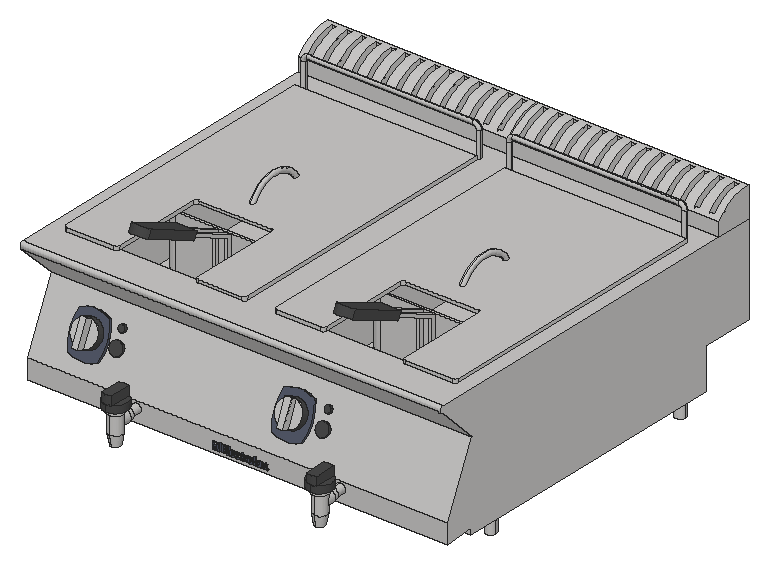
Revit family "QF_ELECTROLUXPROFESSIONAL_371067_E7FRGH2B00", category Specialty Equipment, Revit 2018
Family settings
  Round Connector Dimension = Use Diameter
  Part Type = Normal
  Work Plane-Based = No
  Always vertical = Yes
  Cut with Voids When Loaded = No
  Shared = No
  Room Calculation Point = No
Parameters
  Width = 800.00 mm  # constant formula
  Weight in Pounds = 132  # constant formula
  Watts = 0 W
  URL Cutsheet = "www.electrolux.com/foodservice"
  URL = "www.electrolux.com/foodservice"
  Type Mark [instance] = ""
  Status [instance] = ""
  Specification by User [instance] = ""
  Specification by Manufacturer = ""
  Show Logo [instance] = yes
  Show Clearance [instance] = yes
  Serial Number = ""
  Seismic Rating = ""
  SMACNA No = ""
  Revision Code [instance] = ""
  Omniclass Number and Title = ""
  NAFEM Spec ID Number = ""
  Model = "371067"
  Mechanical Remarks [instance] = ""
  Mechanical Connection Type [instance] = ""
  Masterspec = ""
  Manufacturer = "ELECTROLUX"
  Item Number [instance] = ""
  Installed By [instance] = ""
  Identify Quantity as Lot [instance] = yes
  Height = 333.00 mm  # constant formula
  HP = "0 HP"
  Gas Size = 12.70 mm  # 1/2"
  Gas RI Height [instance] = 0.00 mm
  Gas KW [instance] = 14  # constant formula
  Gas Input [instance] = 13987.1 VA  # 47726.0 Btu/h
  Gas Connection Height = 0.00 mm
  Furnished By [instance] = ""
  Foodservice Equipment Identifier [instance] = yes
  Direct Waste Size = 0"
  Description = "700XP Two 7 Lt. Wells Gas Fryer Top - LPG/Natural Gas"
  Depth = 730.00 mm  # constant formula
  CSI MasterFormat = ""
  CSI Master Format = ""
  Base Height [instance] = 25.40 mm  # constant formula
Reference planes
  plane 1 "BACK": y = 0
  plane 2: z = 0
  plane 3 "LEFT": x = 0
  plane 4 "RIGHT": x = 800
  plane 5 "FRONT": y = -730
  plane 6 "TOP": z = 333
  plane 7 "Center Y": x = 400
  plane 8 "Center X": y = -365
  plane 9 "BASE": z = 25.4
  plane 10 "TOP A": z = 274.638
  plane 11: y = -597.884
  plane 12: y = -147.637
  plane 13: z = 366.713
Forms (mm)
  Extrusion 1, solid, material "QF_Finishes_Stainless Steel"
    sketch origin (0, 0, 0) x (0, 1, 0) y (0, 0, 1)
      loop
        line (0, 274.638) -> (-725.027, 274.638)
        arc (-725.027, 274.638) -> (-730.893, 270.718) -> (-729.517, 263.797) r 6.35
        line (-729.517, 263.797) -> (-657.416, 191.447) -> (-713.522, 70.59) -> (-713.522, 32.49) -> (-660.4, 38.1) -> (-660.4, 25.4) -> (-101.6, 25.4) -> (-101.6, 103.188) -> (0, 103.188) -> (0, 274.638)
    from 0 to 800
  Extrusion 2, solid, material "QF_Finishes_Stainless Steel"
    sketch origin (0, 0, 0) x (0, 1, 0) y (0, 0, 1)
      loop
        line (0, 274.638) -> (0, 333)
        arc (0, 333) -> (-38.795, 324.72) -> (-69.85, 300.038) r 86.758
        line (-69.85, 300.038) -> (-69.85, 274.638) -> (0, 274.638)
    from 0 to 800
  Extrusion 3, void
    sketch origin (0, 0, 274.638) x (-1, 0, 0) y (0, -1, 0)
      loop
        line (-33.338, 147.762) -> (-33.338, 655.762) -> (-373.012, 655.762) -> (-373.012, 147.762) -> (-33.338, 147.762)
      loop
        line (-766.662, 655.762) -> (-766.662, 147.762) -> (-426.987, 147.762) -> (-426.987, 655.762) -> (-766.662, 655.762)
    from 0 to -152.4
  Extrusion 4, void
    sketch origin (0, 0, 274.638) x (-1, 0, 0) y (0, -1, 0)
      loop
        line (-13.453, 6.761) -> (-13.453, 63.911) -> (-22.749, 63.911) -> (-22.749, 6.761) -> (-13.453, 6.761)
    from 25.4 to 63.5
  Extrusion 5, solid, material "QF_Finishes_Stainless Steel"
    sketch origin (0, 0, 0) x (1, 0, 0) y (0, 1, 0)
      loop
        circle (11.112, -147.638) r 9.525
      loop
        circle (11.112, -597.884) r 9.525
      loop
        circle (788.887, -147.638) r 9.525
      loop
        circle (788.887, -597.884) r 9.525
    from 0 to 25.4
  Extrusion 6, solid, material "QF_Finishes_Navy Blue"
    sketch origin (-109.537, -713.522, 70.59) x (0, 0.421077, 0.907025) y (-1, 0, 0)
      loop
        arc (101.077, -565.788) -> (66.2, -558.771) -> (31.333, -565.832) r 89.894
        arc (31.333, -565.832) -> (24.638, -594.363) -> (31.333, -622.893) r 64.14
        arc (31.333, -622.893) -> (66.2, -629.955) -> (101.077, -622.938) r 89.894
        arc (101.077, -622.938) -> (107.792, -594.363) -> (101.077, -565.788) r 64.16
      loop
        arc (101.077, -177.065) -> (66.2, -170.048) -> (31.333, -177.11) r 89.894
        arc (31.333, -177.11) -> (24.638, -205.64) -> (31.333, -234.171) r 64.14
        arc (31.333, -234.171) -> (66.2, -241.236) -> (101.077, -234.215) r 89.853
        arc (101.077, -234.215) -> (107.792, -205.64) -> (101.077, -177.065) r 64.16
    from 0 to 3.175
  Extrusion 7, solid, material "QF_Finishes_Stainless Steel"
    sketch origin (-109.537, -716.402, 71.927) x (0, 0.421077, 0.907025) y (-1, 0, 0)
      loop
        circle (68.826, -594.351) r 25.4
      loop
        circle (68.826, -205.413) r 25.4
    from 0 to 12.7
  Extrusion 8, solid, material "QF_Finishes_Stainless Steel"
    sketch origin (-109.537, -727.921, 77.275) x (0, 0.421077, 0.907025) y (-1, 0, 0)
      loop
        arc (93.558, -600.137) -> (94.226, -594.351) -> (93.558, -588.564) r 25.4
        line (93.558, -588.564) -> (44.094, -588.564)
        arc (44.094, -588.564) -> (43.426, -594.351) -> (44.094, -600.137) r 25.4
        line (44.094, -600.137) -> (93.558, -600.137)
      loop
        arc (93.558, -211.199) -> (94.226, -205.413) -> (93.558, -199.627) r 25.4
        line (93.558, -199.627) -> (44.094, -199.627)
        arc (44.094, -199.627) -> (43.426, -205.413) -> (44.094, -211.199) r 25.4
        line (44.094, -211.199) -> (93.558, -211.199)
    from 0 to 12.7
  Extrusion 9, solid, material "QF_Finishes_Black"
    sketch origin (11.113, -713.522, 70.59) x (0, 0.421077, 0.907025) y (-1, 0, 0)
      loop
        circle (93.566, -530.485) r 6.35
      loop
        circle (93.566, -138.473) r 6.35
    from 0 to 3.175
  Extrusion 10, solid, material "QF_Finishes_Black"
    sketch origin (11.113, -708.843, 80.67) x (0, 0.421077, 0.907025) y (-1, 0, 0)
      loop
        circle (50.809, -530.485) r 12.7
      loop
        circle (50.809, -138.473) r 12.7
    from 0 to 3.175
  Revolve 11, solid, material "QF_Finishes_Stainless Steel"
    sketch origin (206.375, 0, 0) x (0, 1, 0) y (0, 0, 1)
      loop
        line (-762.926, 17.277) -> (-753.917, 17.277) -> (-750.301, 37.788) -> (-750.301, 74.129) -> (-747.023, 74.129) -> (-747.023, 82.008) -> (-740.673, 82.008) -> (-740.673, 94.708) -> (-762.926, 94.708) -> (-762.926, 17.277)
      axis (-762.926, 17.277) -> (-762.926, 94.708)
    angle from 0 to 360
  Revolve 12, solid, material "QF_Finishes_Stainless Steel"
    sketch origin (206.375, 0, 0) x (0, 1, 0) y (0, 0, 1)
      loop
        line (-713.522, 57.15) -> (-764.322, 57.15) -> (-764.322, 44.847) -> (-742.357, 44.847) -> (-742.357, 46.549) -> (-733.364, 46.549) -> (-733.364, 48.596) -> (-713.522, 48.596) -> (-713.522, 57.15)
      axis (-764.322, 57.15) -> (-713.522, 57.15)
    angle from 0 to 360
  Revolve 13, solid, material "QF_Finishes_Stainless Steel"
    sketch origin (595.312, 0, 0) x (0, 1, 0) y (0, 0, 1)
      loop
        line (-762.926, 17.277) -> (-753.917, 17.277) -> (-750.301, 37.788) -> (-750.301, 74.129) -> (-747.023, 74.129) -> (-747.023, 82.008) -> (-740.673, 82.008) -> (-740.673, 94.708) -> (-762.926, 94.708) -> (-762.926, 17.277)
      axis (-762.926, 17.277) -> (-762.926, 94.708)
    angle from 0 to 360
  Revolve 14, solid, material "QF_Finishes_Stainless Steel"
    sketch origin (595.312, 0, 0) x (0, 1, 0) y (0, 0, 1)
      loop
        line (-713.522, 57.15) -> (-764.322, 57.15) -> (-764.322, 44.847) -> (-742.357, 44.847) -> (-742.357, 46.549) -> (-733.364, 46.549) -> (-733.364, 48.596) -> (-713.522, 48.596) -> (-713.522, 57.15)
      axis (-764.322, 57.15) -> (-713.522, 57.15)
    angle from 0 to 360
  Extrusion 15, solid, material "QF_Finishes_Black"
    sketch origin (206.375, -762.926, 94.708) x (0, 1, 0) y (-1, 0, 0)
      loop
        line (20.063, 9.626) -> (-20.063, 9.626)
        arc (-20.063, 9.626) -> (-22.253, 0) -> (-20.063, -9.626) r 22.253
        line (-20.063, -9.626) -> (20.063, -9.626)
        arc (20.063, -9.626) -> (22.253, 0) -> (20.063, 9.626) r 22.253
      loop
        line (20.063, -379.312) -> (-20.063, -379.312)
        arc (-20.063, -379.312) -> (-22.253, -388.937) -> (-20.063, -398.563) r 22.253
        line (-20.063, -398.563) -> (20.063, -398.563)
        arc (20.063, -398.563) -> (22.253, -388.937) -> (20.063, -379.312) r 22.253
    from 0 to 16.412
  Extrusion 16, solid, material "QF_Finishes_Stainless Steel"
    sketch origin (0, -101.6, 103.188) x (0, 0, -1) y (-1, 0, 0)
      loop
        circle (43.882, -736.5) r 6.35
    from 0 to 12.7
  Extrusion 17, solid, material "QF_Finishes_Clearance", visible <- "Show Clearance", detail levels coarse
    sketch origin (0, 0, 0) x (1, 0, 0) y (0, 1, 0)
      loop
        line (0, -731.377) -> (0, 0) -> (800, 0) -> (800, -731.377) -> (950.019, -731.377) -> (950.019, 150.019) -> (-150.019, 150.019) -> (-150.019, -731.377) -> (0, -731.377)
    from 0 to 333
  Extrusion 18, solid, material "QF_Finishes_Stainless Steel"
    sketch origin (0, 0, 274.638) x (-1, 0, 0) y (0, -1, 0)
      loop
        arc (-26.988, 655.762) -> (-28.847, 660.252) -> (-33.338, 662.112) r 6.35
        line (-33.338, 662.112) -> (-122.238, 662.112)
        arc (-122.238, 662.112) -> (-126.728, 660.252) -> (-128.588, 655.762) r 6.35
        line (-128.588, 655.762) -> (-128.588, 481.012)
        arc (-128.588, 481.012) -> (-130.447, 476.521) -> (-134.938, 474.662) r 6.35
        line (-134.938, 474.662) -> (-271.412, 474.662)
        arc (-271.412, 474.662) -> (-275.903, 476.521) -> (-277.762, 481.012) r 6.35
        line (-277.762, 481.012) -> (-277.762, 655.762)
        arc (-277.762, 655.762) -> (-279.622, 660.252) -> (-284.112, 662.112) r 6.35
        line (-284.112, 662.112) -> (-366.662, 662.112)
        arc (-366.662, 662.112) -> (-371.153, 660.252) -> (-373.012, 655.762) r 6.35
        line (-373.012, 655.762) -> (-373.012, 112.837) -> (-26.988, 112.837) -> (-26.988, 655.762)
      loop
        line (-773.012, 655.762) -> (-773.012, 112.837) -> (-426.987, 112.837) -> (-426.987, 655.762)
        arc (-426.987, 655.762) -> (-428.847, 660.252) -> (-433.337, 662.112) r 6.35
        line (-433.337, 662.112) -> (-515.887, 662.112)
        arc (-515.887, 662.112) -> (-520.378, 660.252) -> (-522.237, 655.762) r 6.35
        line (-522.237, 655.762) -> (-522.237, 481.012)
        arc (-522.237, 481.012) -> (-524.097, 476.521) -> (-528.587, 474.662) r 6.35
        line (-528.587, 474.662) -> (-665.062, 474.662)
        arc (-665.062, 474.662) -> (-669.553, 476.521) -> (-671.412, 481.012) r 6.35
        line (-671.412, 481.012) -> (-671.412, 655.762)
        arc (-671.412, 655.762) -> (-673.272, 660.252) -> (-677.762, 662.112) r 6.35
        line (-677.762, 662.112) -> (-766.662, 662.112)
        arc (-766.662, 662.112) -> (-771.153, 660.252) -> (-773.012, 655.762) r 6.35
    from 0 to 6.35
  Sweep 19, solid, material "QF_Finishes_Stainless Steel"
    path origin (0, 36.513, 0) x (1, 0, 0) y (0, 0, 1)
      loop
        line (39.688, 274.638) -> (39.688, 323.475)
        arc (39.688, 323.475) -> (41.547, 327.965) -> (46.038, 329.825) r 6.35
        line (46.038, 329.825) -> (362.669, 329.825)
        arc (362.669, 329.825) -> (367.16, 327.965) -> (369.019, 323.475) r 6.35
        line (369.019, 323.475) -> (369.019, 274.637)
    profile origin (39.688, 36.513, 299.056) x (-1, 0, 0) y (0, -1, 0)
      loop
        circle (2.09, 140.754) r 3.827
  Extrusion 20, solid, material "QF_Finishes_Black"
    sketch origin (271.462, -708.83, 366.66) x (0, 0.906308, -0.422618) y (-1, 0, 0)
      loop
        line (10.103, 47.37) -> (128.716, 47.37) -> (128.716, 84.605) -> (10.103, 84.605)
        arc (10.103, 84.605) -> (-0.124, 65.987) -> (10.103, 47.37) r 22.059
    from -15.884 to 0
  Extrusion 21, solid, material "QF_Finishes_Stainless Steel"
    sketch origin (271.463, 41.275, 0) x (0, 1, 0) y (0, 0, 1)
      loop
        line (-547.91, 165.638) -> (-547.91, 267.115) -> (-635.463, 307.942) -> (-638.147, 302.187) -> (-554.26, 263.07) -> (-554.26, 165.638) -> (-547.91, 165.638)
    from -80.476 to -74.619
  Extrusion 22, solid, material "QF_Finishes_Stainless Steel"
    sketch origin (139.588, 41.275, 0) x (0, 1, 0) y (0, 0, -1)
      loop
        line (-554.26, -263.07) -> (-638.147, -302.187) -> (-635.463, -307.942) -> (-547.91, -267.115) -> (-547.91, -165.638) -> (-554.26, -165.638) -> (-554.26, -263.07)
    from -80.476 to -74.619
  Sweep 23, solid, material "QF_Finishes_Stainless Steel"
    path origin (200.025, -0.124, 0) x (0, 1, 0) y (0, 0, 1)
      loop
        arc (-323.261, 274.638) -> (-377.7, 308.416) -> (-432.139, 274.638) r 60.757
    profile origin (200.025, -377.824, 308.416) x (0, 0, -1) y (1, 0, 0)
      loop
        circle (0, 0) r 4.353
  Sweep 24, solid, material "QF_Finishes_Stainless Steel"
    path origin (600.075, -0.124, 0) x (0, 1, 0) y (0, 0, -1)
      loop
        arc (-323.261, -274.638) -> (-377.7, -308.416) -> (-432.139, -274.638) r 60.757
    profile origin (600.075, -377.824, 308.416) x (0, 0, 1) y (-1, 0, 0)
      loop
        circle (0, 0) r 4.353
  Extrusion 25, solid, material "QF_Finishes_Black"
    sketch origin (528.637, -708.83, 366.66) x (0, 0.906308, -0.422618) y (-1, 0, 0)
      loop
        arc (10.103, -47.27) -> (-0.124, -65.887) -> (10.103, -84.505) r 22.059
        line (10.103, -84.505) -> (128.716, -84.505) -> (128.716, -47.27) -> (10.103, -47.27)
    from -15.884 to 0
  Extrusion 26, solid, material "QF_Finishes_Mesh"
    sketch origin (0, 0, 274.638) x (-1, 0, 0) y (0, -1, 0)
      loop
        arc (-116.625, 189.135) -> (-98.665, 196.575) -> (-91.225, 214.535) r 25.4
        line (-91.225, 214.535) -> (-91.225, 481.11)
        arc (-91.225, 481.11) -> (-98.665, 499.071) -> (-116.625, 506.51) r 25.4
        line (-116.625, 506.51) -> (-294.375, 506.51)
        arc (-294.375, 506.51) -> (-312.336, 499.071) -> (-319.775, 481.11) r 25.4
        line (-319.775, 481.11) -> (-319.775, 214.535)
        arc (-319.775, 214.535) -> (-312.336, 196.575) -> (-294.375, 189.135) r 25.4
        line (-294.375, 189.135) -> (-116.625, 189.135)
      loop
        arc (-116.625, 192.31) -> (-100.91, 198.82) -> (-94.4, 214.535) r 22.225
        line (-94.4, 214.535) -> (-94.4, 481.11)
        arc (-94.4, 481.11) -> (-100.91, 496.826) -> (-116.625, 503.335) r 22.225
        line (-116.625, 503.335) -> (-294.375, 503.335)
        arc (-294.375, 503.335) -> (-310.091, 496.826) -> (-316.6, 481.11) r 22.225
        line (-316.6, 481.11) -> (-316.6, 214.535)
        arc (-316.6, 214.535) -> (-310.091, 198.82) -> (-294.375, 192.31) r 22.225
        line (-294.375, 192.31) -> (-116.625, 192.31)
      loop
        line (-683.375, 189.135) -> (-505.625, 189.135)
        arc (-505.625, 189.135) -> (-487.664, 196.575) -> (-480.225, 214.535) r 25.4
        line (-480.225, 214.535) -> (-480.225, 481.11)
        arc (-480.225, 481.11) -> (-487.664, 499.071) -> (-505.625, 506.51) r 25.4
        line (-505.625, 506.51) -> (-683.375, 506.51)
        arc (-683.375, 506.51) -> (-701.335, 499.071) -> (-708.775, 481.11) r 25.4
        line (-708.775, 481.11) -> (-708.775, 214.535)
        arc (-708.775, 214.535) -> (-701.335, 196.575) -> (-683.375, 189.135) r 25.4
      loop
        line (-683.375, 192.31) -> (-505.625, 192.31)
        arc (-505.625, 192.31) -> (-489.909, 198.82) -> (-483.4, 214.535) r 22.225
        line (-483.4, 214.535) -> (-483.4, 481.11)
        arc (-483.4, 481.11) -> (-489.909, 496.826) -> (-505.625, 503.335) r 22.225
        line (-505.625, 503.335) -> (-683.375, 503.335)
        arc (-683.375, 503.335) -> (-699.09, 496.826) -> (-705.6, 481.11) r 22.225
        line (-705.6, 481.11) -> (-705.6, 214.535)
        arc (-705.6, 214.535) -> (-699.09, 198.82) -> (-683.375, 192.31) r 22.225
    from -109 to -5.315
  Extrusion 27, solid, material "QF_Finishes_Stainless Steel"
    sketch origin (528.637, 41.275, 0) x (0, 1, 0) y (0, 0, -1)
      loop
        line (-547.91, -165.638) -> (-554.26, -165.638) -> (-554.26, -263.07) -> (-638.147, -302.187) -> (-635.463, -307.942) -> (-547.91, -267.115) -> (-547.91, -165.638)
    from -80.476 to -74.619
  Extrusion 28, solid, material "QF_Finishes_Stainless Steel"
    sketch origin (660.512, 41.275, 0) x (0, 1, 0) y (0, 0, 1)
      loop
        line (-554.26, 263.07) -> (-554.26, 165.638) -> (-547.91, 165.638) -> (-547.91, 267.115) -> (-635.463, 307.942) -> (-638.147, 302.187) -> (-554.26, 263.07)
    from -80.476 to -74.619
  Sweep 29, solid, material "QF_Finishes_Stainless Steel"
    path origin (800.1, 36.513, 0) x (-1, 0, 0) y (0, 0, -1)
      loop
        line (39.788, -274.638) -> (39.788, -323.475)
        arc (39.788, -323.475) -> (41.647, -327.965) -> (46.138, -329.825) r 6.35
        line (46.138, -329.825) -> (362.769, -329.825)
        arc (362.769, -329.825) -> (367.26, -327.965) -> (369.119, -323.475) r 6.35
        line (369.119, -323.475) -> (369.119, -274.637)
    profile origin (760.312, 36.513, 299.056) x (-1, 0, 0) y (0, -1, 0)
      loop
        circle (-2.09, 140.754) r 3.827
  Extrusion 30, void
    sketch origin (361.95, 0, 274.638) x (-1, 0, 0) y (0, -1, 0)
      loop
        line (-13.403, 6.761) -> (-13.403, 63.911) -> (-22.699, 63.911) -> (-22.699, 6.761) -> (-13.403, 6.761)
    from 25.4 to 63.5
  Extrusion 31, void
    sketch origin (27.842, 0, 274.638) x (-1, 0, 0) y (0, -1, 0)
      loop
        line (-13.453, 6.761) -> (-13.453, 63.911) -> (-22.749, 63.911) -> (-22.749, 6.761) -> (-13.453, 6.761)
    from 25.4 to 63.5
  Extrusion 32, void
    sketch origin (55.685, 0, 274.638) x (-1, 0, 0) y (0, -1, 0)
      loop
        line (-13.453, 6.761) -> (-13.453, 63.911) -> (-22.749, 63.911) -> (-22.749, 6.761) -> (-13.453, 6.761)
    from 25.4 to 63.5
  Extrusion 33, void
    sketch origin (83.527, 0, 274.638) x (-1, 0, 0) y (0, -1, 0)
      loop
        line (-13.453, 6.761) -> (-13.453, 63.911) -> (-22.749, 63.911) -> (-22.749, 6.761) -> (-13.453, 6.761)
    from 25.4 to 63.5
  Extrusion 34, void
    sketch origin (111.369, 0, 274.638) x (-1, 0, 0) y (0, -1, 0)
      loop
        line (-13.453, 6.761) -> (-13.453, 63.911) -> (-22.749, 63.911) -> (-22.749, 6.761) -> (-13.453, 6.761)
    from 25.4 to 63.5
  Extrusion 35, void
    sketch origin (139.212, 0, 274.638) x (-1, 0, 0) y (0, -1, 0)
      loop
        line (-13.453, 6.761) -> (-13.453, 63.911) -> (-22.749, 63.911) -> (-22.749, 6.761) -> (-13.453, 6.761)
    from 25.4 to 63.5
  Extrusion 36, void
    sketch origin (167.054, 0, 274.638) x (-1, 0, 0) y (0, -1, 0)
      loop
        line (-13.453, 6.761) -> (-13.453, 63.911) -> (-22.749, 63.911) -> (-22.749, 6.761) -> (-13.453, 6.761)
    from 25.4 to 63.5
  Extrusion 37, void
    sketch origin (194.896, 0, 274.638) x (-1, 0, 0) y (0, -1, 0)
      loop
        line (-13.403, 6.761) -> (-13.403, 63.911) -> (-22.699, 63.911) -> (-22.699, 6.761) -> (-13.403, 6.761)
    from 25.4 to 63.5
  Extrusion 38, void
    sketch origin (222.738, 0, 274.638) x (-1, 0, 0) y (0, -1, 0)
      loop
        line (-13.403, 6.761) -> (-13.403, 63.911) -> (-22.699, 63.911) -> (-22.699, 6.761) -> (-13.403, 6.761)
    from 25.4 to 63.5
  Extrusion 39, void
    sketch origin (250.581, 0, 274.638) x (-1, 0, 0) y (0, -1, 0)
      loop
        line (-13.403, 6.761) -> (-13.403, 63.911) -> (-22.699, 63.911) -> (-22.699, 6.761) -> (-13.403, 6.761)
    from 25.4 to 63.5
  Extrusion 40, void
    sketch origin (278.423, 0, 274.638) x (-1, 0, 0) y (0, -1, 0)
      loop
        line (-13.403, 6.761) -> (-13.403, 63.911) -> (-22.699, 63.911) -> (-22.699, 6.761) -> (-13.403, 6.761)
    from 25.4 to 63.5
  Extrusion 41, void
    sketch origin (306.265, 0, 274.638) x (-1, 0, 0) y (0, -1, 0)
      loop
        line (-13.403, 6.761) -> (-13.403, 63.911) -> (-22.699, 63.911) -> (-22.699, 6.761) -> (-13.403, 6.761)
    from 25.4 to 63.5
  Extrusion 42, void
    sketch origin (334.108, 0, 274.638) x (-1, 0, 0) y (0, -1, 0)
      loop
        line (-13.403, 6.761) -> (-13.403, 63.911) -> (-22.699, 63.911) -> (-22.699, 6.761) -> (-13.403, 6.761)
    from 25.4 to 63.5
  Extrusion 43, void
    sketch origin (800.1, 0, 274.638) x (1, 0, 0) y (0, 1, 0)
      loop
        line (-13.553, -6.761) -> (-22.849, -6.761) -> (-22.849, -63.911) -> (-13.553, -63.911) -> (-13.553, -6.761)
    from 25.4 to 63.5
  Extrusion 44, void
    sketch origin (438.15, 0, 274.638) x (1, 0, 0) y (0, 1, 0)
      loop
        line (-13.503, -6.761) -> (-22.799, -6.761) -> (-22.799, -63.911) -> (-13.503, -63.911) -> (-13.503, -6.761)
    from 25.4 to 63.5
  Extrusion 45, void
    sketch origin (772.258, 0, 274.638) x (1, 0, 0) y (0, 1, 0)
      loop
        line (-13.553, -6.761) -> (-22.849, -6.761) -> (-22.849, -63.911) -> (-13.553, -63.911) -> (-13.553, -6.761)
    from 25.4 to 63.5
  Extrusion 46, void
    sketch origin (744.415, 0, 274.638) x (1, 0, 0) y (0, 1, 0)
      loop
        line (-13.553, -6.761) -> (-22.849, -6.761) -> (-22.849, -63.911) -> (-13.553, -63.911) -> (-13.553, -6.761)
    from 25.4 to 63.5
  Extrusion 47, void
    sketch origin (716.573, 0, 274.638) x (1, 0, 0) y (0, 1, 0)
      loop
        line (-13.553, -6.761) -> (-22.849, -6.761) -> (-22.849, -63.911) -> (-13.553, -63.911) -> (-13.553, -6.761)
    from 25.4 to 63.5
  Extrusion 48, void
    sketch origin (688.731, 0, 274.638) x (1, 0, 0) y (0, 1, 0)
      loop
        line (-13.553, -6.761) -> (-22.849, -6.761) -> (-22.849, -63.911) -> (-13.553, -63.911) -> (-13.553, -6.761)
    from 25.4 to 63.5
  Extrusion 49, void
    sketch origin (660.888, 0, 274.638) x (1, 0, 0) y (0, 1, 0)
      loop
        line (-13.553, -6.761) -> (-22.849, -6.761) -> (-22.849, -63.911) -> (-13.553, -63.911) -> (-13.553, -6.761)
    from 25.4 to 63.5
  Extrusion 50, void
    sketch origin (633.046, 0, 274.638) x (1, 0, 0) y (0, 1, 0)
      loop
        line (-13.553, -6.761) -> (-22.849, -6.761) -> (-22.849, -63.911) -> (-13.553, -63.911) -> (-13.553, -6.761)
    from 25.4 to 63.5
  Extrusion 51, void
    sketch origin (605.204, 0, 274.638) x (1, 0, 0) y (0, 1, 0)
      loop
        line (-13.503, -6.761) -> (-22.799, -6.761) -> (-22.799, -63.911) -> (-13.503, -63.911) -> (-13.503, -6.761)
    from 25.4 to 63.5
  Extrusion 52, void
    sketch origin (577.362, 0, 274.638) x (1, 0, 0) y (0, 1, 0)
      loop
        line (-13.503, -6.761) -> (-22.799, -6.761) -> (-22.799, -63.911) -> (-13.503, -63.911) -> (-13.503, -6.761)
    from 25.4 to 63.5
  Extrusion 53, void
    sketch origin (549.519, 0, 274.638) x (1, 0, 0) y (0, 1, 0)
      loop
        line (-13.503, -6.761) -> (-22.799, -6.761) -> (-22.799, -63.911) -> (-13.503, -63.911) -> (-13.503, -6.761)
    from 25.4 to 63.5
  Extrusion 54, void
    sketch origin (521.677, 0, 274.638) x (1, 0, 0) y (0, 1, 0)
      loop
        line (-13.503, -6.761) -> (-22.799, -6.761) -> (-22.799, -63.911) -> (-13.503, -63.911) -> (-13.503, -6.761)
    from 25.4 to 63.5
  Extrusion 55, void
    sketch origin (493.835, 0, 274.638) x (1, 0, 0) y (0, 1, 0)
      loop
        line (-13.503, -6.761) -> (-22.799, -6.761) -> (-22.799, -63.911) -> (-13.503, -63.911) -> (-13.503, -6.761)
    from 25.4 to 63.5
  Extrusion 56, void
    sketch origin (465.992, 0, 274.638) x (1, 0, 0) y (0, 1, 0)
      loop
        line (-13.503, -6.761) -> (-22.799, -6.761) -> (-22.799, -63.911) -> (-13.503, -63.911) -> (-13.503, -6.761)
    from 25.4 to 63.5
  Extrusion 57, void
    sketch origin (418.151, 0, 274.638) x (1, 0, 0) y (0, 1, 0)
      loop
        line (-16.563, 0) -> (-19.738, 0) -> (-19.738, -69.85) -> (-16.563, -69.85) -> (-16.563, 0)
    from 25.4 to 63.5
  Extrusion 58, solid, material "QF_Finishes_Navy Blue", visible <- "Show Logo"
    sketch origin (0, -713.522, 32.49) x (0, 0, 1) y (-1, 0, 0)
      loop
        line (20.674, -361.834) -> (8.307, -361.834)
        arc (8.307, -361.834) -> (14.491, -366.405) -> (20.674, -361.834) r 6.467
      loop
        arc (20.674, -361.205) -> (19.505, -356.062) -> (14.849, -353.584) r 6.338
        line (14.849, -353.584) -> (14.849, -355.63)
        arc (14.849, -355.63) -> (16.333, -359.285) -> (19.778, -361.205) r 5.941
        line (19.778, -361.205) -> (20.674, -361.205)
      loop
        arc (9.203, -361.205) -> (12.648, -359.285) -> (14.132, -355.63) r 5.941
        line (14.132, -355.63) -> (14.132, -353.584)
        arc (14.132, -353.584) -> (9.438, -356.058) -> (8.148, -361.205) r 6.504
        line (8.148, -361.205) -> (9.203, -361.205)
      loop
        line (21.349, -353.115) -> (7.604, -353.115) -> (7.604, -366.878) -> (21.349, -366.878) -> (21.349, -353.115)
      loop
        arc (21.432, -369.845) -> (21.085, -369.488) -> (20.718, -369.826) r 0.358
        arc (20.718, -369.826) -> (20.404, -370.576) -> (19.687, -370.961) r 1.216
        line (19.687, -370.961) -> (9.274, -370.961)
        arc (9.274, -370.961) -> (8.614, -370.683) -> (8.218, -370.087) r 1.238
        arc (8.218, -370.087) -> (7.823, -369.836) -> (7.518, -370.19) r 0.358
        line (7.518, -370.19) -> (7.518, -380.069) -> (10.269, -380.069) -> (10.269, -379.172)
        arc (10.269, -379.172) -> (9.36, -378.592) -> (8.904, -377.614) r 1.928
        line (8.904, -377.614) -> (8.904, -375.115)
        arc (8.904, -375.115) -> (9.18, -374.387) -> (9.868, -374.023) r 1.101
        line (9.868, -374.023) -> (13.955, -374.023) -> (13.955, -377.696)
        arc (13.955, -377.696) -> (13.602, -378.193) -> (13.037, -378.421) r 1.083
        arc (13.037, -378.421) -> (12.773, -378.726) -> (13.065, -379.005) r 0.292
        line (13.065, -379.005) -> (16.028, -379.005)
        arc (16.028, -379.005) -> (16.33, -378.732) -> (16.092, -378.402) r 0.305
        arc (16.092, -378.402) -> (15.601, -378.154) -> (15.296, -377.696) r 1.083
        line (15.296, -377.696) -> (15.296, -374.023) -> (19.973, -374.023) -> (19.973, -377.77)
        arc (19.973, -377.77) -> (19.759, -378.526) -> (19.153, -379.024) r 1.314
        arc (19.153, -379.024) -> (18.934, -379.428) -> (19.288, -379.72) r 0.361
        line (19.288, -379.72) -> (21.432, -379.72) -> (21.432, -369.845)
      loop
        arc (20.715, -380.501) -> (20.335, -381.419) -> (19.416, -381.8) r 1.299
        line (19.416, -381.8) -> (9.837, -381.8)
        arc (9.837, -381.8) -> (8.999, -381.422) -> (8.728, -380.544) r 1.118
        line (8.728, -380.544) -> (7.518, -380.544) -> (7.518, -385.894) -> (8.706, -385.894)
        arc (8.706, -385.894) -> (8.978, -384.977) -> (9.848, -384.58) r 1.153
        line (9.848, -384.58) -> (21.92, -384.58) -> (20.715, -380.501)
      loop
        line (12.483, -388.53) -> (12.483, -394.977) -> (13.282, -394.977)
        arc (13.282, -394.977) -> (15.862, -393.993) -> (17.131, -391.539) r 3.874
        line (17.131, -391.539) -> (17.131, -389.778)
        arc (17.131, -389.778) -> (15.944, -386.914) -> (13.08, -385.727) r 4.051
        line (13.08, -385.727) -> (11.072, -385.727)
        arc (11.072, -385.727) -> (8.253, -387.212) -> (7.202, -390.219) r 4.352
        arc (7.202, -390.219) -> (7.566, -392.683) -> (8.943, -394.757) r 5.713
        line (8.943, -394.757) -> (9.892, -394.757)
        arc (9.892, -394.757) -> (9.16, -393.188) -> (8.943, -391.47) r 5.579
        arc (8.943, -391.47) -> (9.737, -389.507) -> (11.616, -388.53) r 3.057
        line (11.616, -388.53) -> (12.483, -388.53)
      loop
        line (13.742, -388.53) -> (13.742, -392.112)
        arc (13.742, -392.112) -> (15.199, -392.159) -> (16.082, -390.999) r 1.59
        line (16.082, -390.999) -> (16.082, -390.17)
        arc (16.082, -390.17) -> (15.217, -388.914) -> (13.742, -388.53) r 2.184
      loop
        arc (16.533, -404.395) -> (17.022, -402.721) -> (17.179, -400.984) r 9.023
        line (17.179, -400.984) -> (17.179, -399.621)
        arc (17.179, -399.621) -> (16.02, -396.822) -> (13.22, -395.662) r 3.959
        line (13.22, -395.662) -> (10.62, -395.662)
        arc (10.62, -395.662) -> (8.338, -396.955) -> (7.221, -399.328) r 4.331
        line (7.221, -399.328) -> (7.221, -401.463)
        arc (7.221, -401.463) -> (7.729, -403.013) -> (8.651, -404.359) r 5.772
        arc (8.651, -404.359) -> (9.412, -404.409) -> (9.499, -403.651) r 0.553
        arc (9.499, -403.651) -> (9.111, -402.917) -> (8.977, -402.098) r 2.573
        line (8.977, -402.098) -> (8.977, -400.583)
        arc (8.977, -400.583) -> (9.983, -398.941) -> (11.798, -398.299) r 2.884
        line (11.798, -398.299) -> (13.077, -398.299)
        arc (13.077, -398.299) -> (14.898, -398.859) -> (15.824, -400.524) r 2.554
        line (15.824, -400.524) -> (15.824, -401.577)
        arc (15.824, -401.577) -> (15.493, -402.505) -> (14.836, -403.24) r 2.564
        arc (14.836, -403.24) -> (14.614, -403.957) -> (15.223, -404.395) r 0.643
        line (15.223, -404.395) -> (16.533, -404.395)
      loop
        line (15.515, -404.665) -> (15.515, -406.166) -> (9.467, -406.166)
        arc (9.467, -406.166) -> (7.879, -406.824) -> (7.221, -408.412) r 2.246
        line (7.221, -408.412) -> (7.221, -409.995)
        arc (7.221, -409.995) -> (7.535, -410.86) -> (8.035, -411.632) r 4.06
        arc (8.035, -411.632) -> (8.768, -411.765) -> (9.019, -411.064) r 0.576
        arc (9.019, -411.064) -> (8.913, -410.538) -> (8.977, -410.006) r 1.69
        arc (8.977, -410.006) -> (9.519, -409.218) -> (10.425, -408.915) r 1.506
        line (10.425, -408.915) -> (15.563, -408.915) -> (15.563, -411.312) -> (16.119, -411.868) -> (16.941, -411.868) -> (16.941, -409.008) -> (20.172, -409.008) -> (15.515, -404.665)
      loop
        line (7.438, -412.766) -> (7.438, -418.152) -> (8.548, -418.152)
        arc (8.548, -418.152) -> (8.942, -417.201) -> (9.893, -416.808) r 1.345
        line (9.893, -416.808) -> (13.509, -416.808)
        arc (13.509, -416.808) -> (14.274, -417.399) -> (14.564, -418.322) r 1.615
        line (14.564, -418.322) -> (14.564, -419.878) -> (17.119, -420.563) -> (17.119, -419.18) -> (15.177, -416.621) -> (17.057, -416.621) -> (16.773, -413.915)
        arc (16.773, -413.915) -> (16.333, -413.385) -> (15.674, -413.586) r 0.621
        arc (15.674, -413.586) -> (15.274, -413.928) -> (14.78, -414.111) r 1.501
        line (14.78, -414.111) -> (9.893, -414.111)
        arc (9.893, -414.111) -> (8.942, -413.717) -> (8.548, -412.766) r 1.345
        line (8.548, -412.766) -> (7.438, -412.766)
      loop
        line (13.54, -420.1) -> (10.848, -420.1)
        arc (10.848, -420.1) -> (8.403, -421.408) -> (7.269, -423.938) r 4.288
        arc (7.269, -423.938) -> (7.205, -425.318) -> (7.269, -426.699) r 15.022
        arc (7.269, -426.699) -> (8.403, -429.229) -> (10.848, -430.537) r 4.288
        line (10.848, -430.537) -> (13.54, -430.537)
        arc (13.54, -430.537) -> (15.986, -429.229) -> (17.119, -426.699) r 4.288
        arc (17.119, -426.699) -> (17.183, -425.318) -> (17.119, -423.938) r 15.022
        arc (17.119, -423.938) -> (15.986, -421.408) -> (13.54, -420.1) r 4.288
      loop
        line (13.745, -423.214) -> (10.643, -423.214)
        arc (10.643, -423.214) -> (8.486, -425.371) -> (10.643, -427.528) r 2.157
        line (10.643, -427.528) -> (13.745, -427.528)
        arc (13.745, -427.528) -> (15.902, -425.371) -> (13.745, -423.214) r 2.157
      loop
        arc (20.726, -430.395) -> (20.355, -431.289) -> (19.461, -431.66) r 1.264
        line (19.461, -431.66) -> (9.597, -431.66)
        arc (9.597, -431.66) -> (8.727, -431.263) -> (8.455, -430.346) r 1.153
        line (8.455, -430.346) -> (7.518, -430.346) -> (7.518, -435.455) -> (8.446, -435.455)
        arc (8.446, -435.455) -> (8.805, -434.683) -> (9.597, -434.368) r 1.153
        line (9.597, -434.368) -> (21.92, -434.368) -> (20.726, -430.395)
      loop
        arc (15.846, -434.992) -> (15.647, -436.057) -> (14.678, -436.539) r 1.215
        line (14.678, -436.539) -> (9.658, -436.539)
        arc (9.658, -436.539) -> (8.043, -437.186) -> (7.322, -438.769) r 2.338
        line (7.322, -438.769) -> (7.322, -440.283)
        arc (7.322, -440.283) -> (7.497, -441.287) -> (7.999, -442.174) r 2.979
        line (7.999, -442.174) -> (7.518, -443.97) -> (7.518, -445.659) -> (16.943, -445.659) -> (16.649, -441.456) -> (15.863, -441.456)
        arc (15.863, -441.456) -> (15.507, -442.292) -> (14.755, -442.8) r 1.605
        line (14.755, -442.8) -> (9.652, -442.8)
        arc (9.652, -442.8) -> (9.232, -441.864) -> (9.159, -440.84) r 2.94
        arc (9.159, -440.84) -> (9.72, -439.739) -> (10.873, -439.296) r 1.724
        line (10.873, -439.296) -> (17.07, -439.296) -> (15.846, -434.992)
      loop
        line (16.874, -446.512) -> (15.202, -448.559) -> (12.028, -450.865) -> (8.572, -447.753)
        arc (8.572, -447.753) -> (8.335, -447.359) -> (8.357, -446.9) r 0.789
        line (8.357, -446.9) -> (7.518, -446.9) -> (7.518, -450.445) -> (8.344, -450.445)
        arc (8.344, -450.445) -> (8.686, -450.083) -> (9.176, -450.175) r 0.52
        line (9.176, -450.175) -> (10.976, -451.646) -> (8.858, -453.021)
        arc (8.858, -453.021) -> (8.457, -452.711) -> (8.37, -452.212) r 0.7
        line (8.37, -452.212) -> (7.518, -452.212) -> (7.518, -458.139) -> (8.405, -458.139)
        arc (8.405, -458.139) -> (8.472, -457.48) -> (8.866, -456.948) r 1.247
        line (8.866, -456.948) -> (13.066, -453.667) -> (15.513, -455.721) -> (16.874, -457.463) -> (16.874, -453.739) -> (15.389, -454.161) -> (13.868, -452.885) -> (15.568, -451.694) -> (16.874, -452.471) -> (16.874, -446.512)
    from 0 to 1.644
Cuts and joins
  Extrusion 3, Extrusion 4 cuts Extrusion 1
  Extrusion 4, Extrusion 30, Extrusion 31, Extrusion 32, Extrusion 33, Extrusion 34, Extrusion 35, Extrusion 36, Extrusion 37, Extrusion 38, Extrusion 39, Extrusion 40, Extrusion 41, Extrusion 42, Extrusion 43, Extrusion 44, Extrusion 45, Extrusion 46, Extrusion 47, Extrusion 48, Extrusion 49, Extrusion 50, Extrusion 51, Extrusion 52, Extrusion 53, Extrusion 54, Extrusion 55, Extrusion 56, Extrusion 57 cuts Extrusion 2
  joined: Extrusion 7, Extrusion 8
  joined: Extrusion 18, Sweep 23, Sweep 24
  Extrusion 30, Extrusion 31, Extrusion 32, Extrusion 33, Extrusion 34, Extrusion 35, Extrusion 36, Extrusion 37, Extrusion 38, Extrusion 39, Extrusion 40, Extrusion 41, Extrusion 42, Extrusion 43, Extrusion 44, Extrusion 45, Extrusion 46, Extrusion 47, Extrusion 48, Extrusion 49, Extrusion 50, Extrusion 51, Extrusion 52, Extrusion 53, Extrusion 54, Extrusion 55, Extrusion 56, Extrusion 57 cuts Extrusion 17
Lines and regions (mm)
  symbolic lines, style "QF-Clearances", visible <- "Show Clearance", detail levels coarse
    curve 1: line (-150.019, 150.019, 274.638) -> (-150.019, -731.377, 274.638)
    curve 2: line (950.019, 150.019, 274.638) -> (-150.019, 150.019, 274.638)
    curve 3: line (950.019, -731.377, 274.638) -> (950.019, 150.019, 274.638)
  symbolic lines
    curve 4: line (0, 0, 274.638) -> (800, 0, 274.638)
    curve 5: line (0, -730, 274.638) -> (0, 0, 274.638)
    curve 6: line (800, -730, 274.638) -> (0, -730, 274.638)
    curve 7: line (800, 0, 274.638) -> (800, -730, 274.638)
    curve 8: line (22.699, -6.761, 274.638) -> (22.699, -63.911, 274.638)
    curve 9: line (13.403, -63.911, 274.638) -> (13.403, -6.761, 274.638)
    curve 10: line (13.403, -6.761, 274.638) -> (22.699, -6.761, 274.638)
    curve 11: line (26.937, -112.837, 274.638) -> (26.937, -655.762, 274.638)
    curve 12: arc (26.937, -655.762, 274.638) -> (28.812, -660.287, 274.638) -> (33.338, -662.162, 274.638) r 6.4
    curve 13: line (33.338, -662.162, 274.638) -> (122.188, -662.162, 274.638)
    curve 14: arc (122.188, -662.162, 274.638) -> (126.678, -660.302, 274.638) -> (128.538, -655.812, 274.638) r 6.35
    curve 15: line (128.538, -655.812, 274.638) -> (128.538, -481.012, 274.638)
    curve 16: arc (128.537, -481.012, 274.638) -> (130.397, -476.521, 274.638) -> (134.887, -474.662, 274.638) r 6.35
    curve 17: line (134.887, -474.662, 274.638) -> (271.412, -474.662, 274.638)
    curve 18: arc (271.412, -474.662, 274.638) -> (275.903, -476.521, 274.638) -> (277.762, -481.012, 274.638) r 6.35
    curve 19: line (277.762, -481.012, 274.638) -> (277.762, -655.812, 274.638)
    curve 20: arc (277.762, -655.812, 274.638) -> (279.622, -660.302, 274.638) -> (284.112, -662.162, 274.638) r 6.35
    curve 21: line (284.112, -662.162, 274.638) -> (366.662, -662.162, 274.638)
    curve 22: arc (366.662, -662.162, 274.638) -> (371.153, -660.302, 274.638) -> (373.012, -655.812, 274.638) r 6.35
    curve 23: line (373.012, -655.812, 274.638) -> (373.012, -112.837, 274.638)
    curve 24: line (373.012, -112.837, 274.638) -> (26.937, -112.837, 274.638)
    curve 25: line (0, -69.85, 274.638) -> (398.412, -69.85, 274.638)
    curve 26: line (224.093, -706.436, 274.638) -> (224.093, -592.174, 274.638)
    curve 27: line (224.093, -592.174, 274.638) -> (186.858, -592.174, 274.638)
    curve 28: line (186.858, -592.174, 274.638) -> (186.858, -706.436, 274.638)
    curve 29: spline (224.093, -706.436, 274.638) -> (221.86, -709.098, 274.638) -> (219.17, -711.386, 274.638) -> (216.096, -713.235, 274.638) -> (212.725, -714.594, 274.638) -> (209.152, -715.425, 274.638) -> (205.475, -715.705, 274.638) -> (201.799, -715.425, 274.638) -> (198.225, -714.594, 274.638) -> (194.855, -713.235, 274.638) -> (191.781, -711.386, 274.638) -> (189.09, -709.098, 274.638) -> (186.858, -706.436, 274.638)
    curve 30: line (128.538, -655.812, 274.638) -> (186.858, -655.812, 274.638)
    curve 31: line (224.093, -655.812, 274.638) -> (277.762, -655.812, 274.638)
    curve 32: line (196.794, -506.51, 274.638) -> (196.794, -592.174, 274.638)
    curve 33: line (190.937, -592.174, 274.638) -> (190.937, -506.51, 274.638)
    curve 34: line (220.014, -506.51, 274.638) -> (220.014, -592.174, 274.638)
    curve 35: line (214.157, -592.174, 274.638) -> (214.157, -506.51, 274.638)
    curve 36: spline (186.858, -699.723, 274.638) -> (189.09, -702.386, 274.638) -> (191.781, -704.673, 274.638) -> (194.855, -706.523, 274.638) -> (198.225, -707.882, 274.638) -> (201.799, -708.713, 274.638) -> (205.475, -708.992, 274.638) -> (209.152, -708.713, 274.638) -> (212.725, -707.882, 274.638) -> (216.096, -706.523, 274.638) -> (219.17, -704.673, 274.638) -> (221.86, -702.386, 274.638) -> (224.093, -699.723, 274.638)
    curve 37: line (195.52, -428.432, 274.638) -> (195.52, -326.969, 274.638)
    curve 38: line (204.418, -326.969, 274.638) -> (204.418, -428.432, 274.638)
    curve 39: arc (195.52, -428.432, 274.638) -> (199.969, -432.882, 274.638) -> (204.418, -428.432, 274.638) r 4.449
    curve 40: arc (195.52, -326.969, 274.638) -> (199.969, -322.52, 274.638) -> (204.418, -326.969, 274.638) r 4.449
    curve 41: line (128.538, -503.335, 274.638) -> (277.762, -503.335, 274.638)
    curve 42: line (128.538, -506.51, 274.638) -> (277.762, -506.51, 274.638)
    curve 43: line (773.012, -112.837, 274.638) -> (773.012, -655.762, 274.638)
    curve 44: arc (773.012, -655.762, 274.638) -> (771.153, -660.252, 274.638) -> (766.662, -662.112, 274.638) r 6.35
    curve 45: line (766.662, -662.112, 274.638) -> (677.762, -662.112, 274.638)
    curve 46: arc (677.762, -662.112, 274.638) -> (673.272, -660.252, 274.638) -> (671.412, -655.762, 274.638) r 6.35
    curve 47: line (671.412, -655.762, 274.638) -> (671.412, -481.012, 274.638)
    curve 48: arc (671.413, -481.012, 274.638) -> (669.553, -476.521, 274.638) -> (665.063, -474.662, 274.638) r 6.35
    curve 49: line (665.063, -474.662, 274.638) -> (528.538, -474.662, 274.638)
    curve 50: arc (528.538, -474.662, 274.638) -> (524.047, -476.521, 274.638) -> (522.188, -481.012, 274.638) r 6.35
    curve 51: line (522.188, -481.012, 274.638) -> (522.188, -655.762, 274.638)
    curve 52: arc (522.188, -655.762, 274.638) -> (520.328, -660.252, 274.638) -> (515.838, -662.112, 274.638) r 6.35
    curve 53: line (515.838, -662.112, 274.638) -> (433.338, -662.112, 274.638)
    curve 54: arc (433.338, -662.112, 274.638) -> (428.847, -660.252, 274.638) -> (426.988, -655.762, 274.638) r 6.35
    curve 55: line (426.988, -655.762, 274.638) -> (426.988, -112.837, 274.638)
    curve 56: line (426.988, -112.837, 274.638) -> (773.012, -112.837, 274.638)
    curve 57: line (575.857, -706.386, 274.638) -> (575.857, -592.174, 274.638)
    curve 58: line (575.857, -592.174, 274.638) -> (613.092, -592.174, 274.638)
    curve 59: line (613.092, -592.174, 274.638) -> (613.092, -706.386, 274.638)
    curve 60: spline (575.857, -706.386, 274.638) -> (578.09, -709.048, 274.638) -> (580.78, -711.336, 274.638) -> (583.854, -713.185, 274.638) -> (587.225, -714.544, 274.638) -> (590.798, -715.375, 274.638) -> (594.475, -715.655, 274.638) -> (598.151, -715.375, 274.638) -> (601.725, -714.544, 274.638) -> (605.095, -713.185, 274.638) -> (608.169, -711.336, 274.638) -> (610.86, -709.048, 274.638) -> (613.092, -706.386, 274.638)
    curve 61: line (671.412, -655.762, 274.638) -> (613.092, -655.762, 274.638)
    curve 62: line (575.857, -655.762, 274.638) -> (522.188, -655.762, 274.638)
    curve 63: line (603.156, -506.51, 274.638) -> (603.156, -592.174, 274.638)
    curve 64: line (609.013, -592.174, 274.638) -> (609.013, -506.51, 274.638)
    curve 65: line (579.936, -506.51, 274.638) -> (579.936, -592.174, 274.638)
    curve 66: line (585.793, -592.174, 274.638) -> (585.793, -506.51, 274.638)
    curve 67: spline (613.092, -699.673, 274.638) -> (610.86, -702.336, 274.638) -> (608.169, -704.623, 274.638) -> (605.095, -706.473, 274.638) -> (601.725, -707.832, 274.638) -> (598.151, -708.663, 274.638) -> (594.475, -708.942, 274.638) -> (590.798, -708.663, 274.638) -> (587.225, -707.832, 274.638) -> (583.854, -706.473, 274.638) -> (580.78, -704.623, 274.638) -> (578.09, -702.336, 274.638) -> (575.857, -699.673, 274.638)
    curve 68: line (604.43, -428.432, 274.638) -> (604.43, -326.969, 274.638)
    curve 69: line (595.532, -326.969, 274.638) -> (595.532, -428.432, 274.638)
    curve 70: arc (604.43, -428.432, 274.638) -> (599.981, -432.882, 274.638) -> (595.532, -428.432, 274.638) r 4.449
    curve 71: arc (604.43, -326.969, 274.638) -> (599.981, -322.52, 274.638) -> (595.532, -326.969, 274.638) r 4.449
    curve 72: line (671.412, -503.335, 274.638) -> (522.188, -503.335, 274.638)
    curve 73: line (671.412, -506.51, 274.638) -> (522.188, -506.51, 274.638)
    curve 74: line (37.548, -100.414, 274.638) -> (371.109, -100.414, 274.638)
    curve 75: line (37.548, -108.069, 274.638) -> (37.548, -100.414, 274.638)
    curve 76: line (371.109, -108.069, 274.638) -> (37.548, -108.069, 274.638)
    curve 77: line (371.109, -100.414, 274.638) -> (371.109, -108.069, 274.638)
    curve 78: line (428.891, -100.414, 274.638) -> (762.402, -100.414, 274.638)
    curve 79: line (428.891, -108.069, 274.638) -> (428.891, -100.414, 274.638)
    curve 80: line (762.402, -108.069, 274.638) -> (428.891, -108.069, 274.638)
    curve 81: line (762.402, -100.414, 274.638) -> (762.402, -108.069, 274.638)
    curve 82: arc (206.325, -785.179, 274.638) -> (228.578, -762.926, 274.638) -> (206.325, -740.673, 274.638) r 22.253
    curve 83: arc (206.325, -740.673, 274.638) -> (184.072, -762.926, 274.638) -> (206.325, -785.179, 274.638) r 22.253
    curve 84: line (196.699, -742.863, 274.638) -> (196.699, -782.989, 274.638)
    curve 85: line (215.951, -782.989, 274.638) -> (215.951, -742.863, 274.638)
    curve 86: line (217.439, -743.647, 274.638) -> (217.439, -730, 274.638)
    curve 87: line (195.318, -743.586, 274.638) -> (195.318, -730, 274.638)
    curve 88: arc (593.625, -785.179, 274.638) -> (571.372, -762.926, 274.638) -> (593.625, -740.673, 274.638) r 22.253
    curve 89: arc (593.625, -740.673, 274.638) -> (615.878, -762.926, 274.638) -> (593.625, -785.179, 274.638) r 22.253
    curve 90: line (603.251, -742.863, 274.638) -> (603.251, -782.989, 274.638)
    curve 91: line (583.999, -782.989, 274.638) -> (583.999, -742.863, 274.638)
    curve 92: line (582.511, -743.647, 274.638) -> (582.511, -730, 274.638)
    curve 93: line (604.632, -743.586, 274.638) -> (604.632, -730, 274.638)
    curve 94: line (384.649, -6.761, 274.638) -> (384.649, -63.911, 274.638)
    curve 95: line (375.353, -63.911, 274.638) -> (375.353, -6.761, 274.638)
    curve 96: line (375.353, -6.761, 274.638) -> (384.649, -6.761, 274.638)
    curve 97: line (50.541, -6.761, 274.638) -> (50.541, -63.911, 274.638)
    curve 98: line (41.245, -63.911, 274.638) -> (41.245, -6.761, 274.638)
    curve 99: line (41.245, -6.761, 274.638) -> (50.541, -6.761, 274.638)
    curve 100: line (78.383, -6.761, 274.638) -> (78.383, -63.911, 274.638)
    curve 101: line (69.087, -63.911, 274.638) -> (69.087, -6.761, 274.638)
    curve 102: line (69.087, -6.761, 274.638) -> (78.383, -6.761, 274.638)
    curve 103: line (106.225, -6.761, 274.638) -> (106.225, -63.911, 274.638)
    curve 104: line (96.93, -63.911, 274.638) -> (96.93, -6.761, 274.638)
    curve 105: line (96.93, -6.761, 274.638) -> (106.225, -6.761, 274.638)
    curve 106: line (134.068, -6.761, 274.638) -> (134.068, -63.911, 274.638)
    curve 107: line (124.772, -63.911, 274.638) -> (124.772, -6.761, 274.638)
    curve 108: line (124.772, -6.761, 274.638) -> (134.068, -6.761, 274.638)
    curve 109: line (161.91, -6.761, 274.638) -> (161.91, -63.911, 274.638)
    curve 110: line (152.614, -63.911, 274.638) -> (152.614, -6.761, 274.638)
    curve 111: line (152.614, -6.761, 274.638) -> (161.91, -6.761, 274.638)
    curve 112: line (189.752, -6.761, 274.638) -> (189.752, -63.911, 274.638)
    curve 113: line (180.457, -63.911, 274.638) -> (180.457, -6.761, 274.638)
    curve 114: line (180.457, -6.761, 274.638) -> (189.752, -6.761, 274.638)
    curve 115: line (217.595, -6.761, 274.638) -> (217.595, -63.911, 274.638)
    curve 116: line (208.299, -63.911, 274.638) -> (208.299, -6.761, 274.638)
    curve 117: line (208.299, -6.761, 274.638) -> (217.595, -6.761, 274.638)
    curve 118: line (245.437, -6.761, 274.638) -> (245.437, -63.911, 274.638)
    curve 119: line (236.141, -63.911, 274.638) -> (236.141, -6.761, 274.638)
    curve 120: line (236.141, -6.761, 274.638) -> (245.437, -6.761, 274.638)
    curve 121: line (273.279, -6.761, 274.638) -> (273.279, -63.911, 274.638)
    curve 122: line (263.984, -63.911, 274.638) -> (263.984, -6.761, 274.638)
    curve 123: line (263.984, -6.761, 274.638) -> (273.279, -6.761, 274.638)
    curve 124: line (301.122, -6.761, 274.638) -> (301.122, -63.911, 274.638)
    curve 125: line (291.826, -63.911, 274.638) -> (291.826, -6.761, 274.638)
    curve 126: line (291.826, -6.761, 274.638) -> (301.122, -6.761, 274.638)
    curve 127: line (328.964, -6.761, 274.638) -> (328.964, -63.911, 274.638)
    curve 128: line (319.668, -63.911, 274.638) -> (319.668, -6.761, 274.638)
    curve 129: line (319.668, -6.761, 274.638) -> (328.964, -6.761, 274.638)
    curve 130: line (356.806, -6.761, 274.638) -> (356.806, -63.911, 274.638)
    curve 131: line (347.511, -63.911, 274.638) -> (347.511, -6.761, 274.638)
    curve 132: line (347.511, -6.761, 274.638) -> (356.806, -6.761, 274.638)
    curve 133: line (777.251, -6.761, 274.638) -> (777.251, -63.911, 274.638)
    curve 134: line (786.547, -63.911, 274.638) -> (786.547, -6.761, 274.638)
    curve 135: line (786.547, -6.761, 274.638) -> (777.251, -6.761, 274.638)
    curve 136: line (415.301, -6.761, 274.638) -> (415.301, -63.911, 274.638)
    curve 137: line (424.597, -63.911, 274.638) -> (424.597, -6.761, 274.638)
    curve 138: line (424.597, -6.761, 274.638) -> (415.301, -6.761, 274.638)
    curve 139: line (749.409, -6.761, 274.638) -> (749.409, -63.911, 274.638)
    curve 140: line (758.705, -63.911, 274.638) -> (758.705, -6.761, 274.638)
    curve 141: line (758.705, -6.761, 274.638) -> (749.409, -6.761, 274.638)
    curve 142: line (721.567, -6.761, 274.638) -> (721.567, -63.911, 274.638)
    curve 143: line (730.863, -63.911, 274.638) -> (730.863, -6.761, 274.638)
    curve 144: line (730.863, -6.761, 274.638) -> (721.567, -6.761, 274.638)
    curve 145: line (693.725, -6.761, 274.638) -> (693.725, -63.911, 274.638)
    curve 146: line (703.02, -63.911, 274.638) -> (703.02, -6.761, 274.638)
    curve 147: line (703.02, -6.761, 274.638) -> (693.725, -6.761, 274.638)
    curve 148: line (665.882, -6.761, 274.638) -> (665.882, -63.911, 274.638)
    curve 149: line (675.178, -63.911, 274.638) -> (675.178, -6.761, 274.638)
    curve 150: line (675.178, -6.761, 274.638) -> (665.882, -6.761, 274.638)
    curve 151: line (638.04, -6.761, 274.638) -> (638.04, -63.911, 274.638)
    curve 152: line (647.336, -63.911, 274.638) -> (647.336, -6.761, 274.638)
    curve 153: line (647.336, -6.761, 274.638) -> (638.04, -6.761, 274.638)
    curve 154: line (610.198, -6.761, 274.638) -> (610.198, -63.911, 274.638)
    curve 155: line (619.493, -63.911, 274.638) -> (619.493, -6.761, 274.638)
    curve 156: line (619.493, -6.761, 274.638) -> (610.198, -6.761, 274.638)
    curve 157: line (582.355, -6.761, 274.638) -> (582.355, -63.911, 274.638)
    curve 158: line (591.651, -63.911, 274.638) -> (591.651, -6.761, 274.638)
    curve 159: line (591.651, -6.761, 274.638) -> (582.355, -6.761, 274.638)
    curve 160: line (554.513, -6.761, 274.638) -> (554.513, -63.911, 274.638)
    curve 161: line (563.809, -63.911, 274.638) -> (563.809, -6.761, 274.638)
    curve 162: line (563.809, -6.761, 274.638) -> (554.513, -6.761, 274.638)
    curve 163: line (526.671, -6.761, 274.638) -> (526.671, -63.911, 274.638)
    curve 164: line (535.966, -63.911, 274.638) -> (535.966, -6.761, 274.638)
    curve 165: line (535.966, -6.761, 274.638) -> (526.671, -6.761, 274.638)
    curve 166: line (498.828, -6.761, 274.638) -> (498.828, -63.911, 274.638)
    curve 167: line (508.124, -63.911, 274.638) -> (508.124, -6.761, 274.638)
    curve 168: line (508.124, -6.761, 274.638) -> (498.828, -6.761, 274.638)
    curve 169: line (470.986, -6.761, 274.638) -> (470.986, -63.911, 274.638)
    curve 170: line (480.282, -63.911, 274.638) -> (480.282, -6.761, 274.638)
    curve 171: line (480.282, -6.761, 274.638) -> (470.986, -6.761, 274.638)
    curve 172: line (443.144, -6.761, 274.638) -> (443.144, -63.911, 274.638)
    curve 173: line (452.439, -63.911, 274.638) -> (452.439, -6.761, 274.638)
    curve 174: line (452.439, -6.761, 274.638) -> (443.144, -6.761, 274.638)
    curve 175: line (401.587, -69.85, 274.638) -> (401.587, 0, 274.638)
    curve 176: line (398.412, 0, 274.638) -> (398.412, -69.85, 274.638)
    curve 177: line (401.587, -69.85, 274.638) -> (800, -69.85, 274.638)
  symbolic lines, style "SpecialityEquipment"
    curve 178: line (13.453, -63.911, 0) -> (22.749, -63.911, 0)
    curve 179: line (375.403, -63.911, 0) -> (384.699, -63.911, 0)
    curve 180: line (41.295, -63.911, 0) -> (50.591, -63.911, 0)
    curve 181: line (69.137, -63.911, 0) -> (78.433, -63.911, 0)
    curve 182: line (96.98, -63.911, 0) -> (106.275, -63.911, 0)
    curve 183: line (124.822, -63.911, 0) -> (134.118, -63.911, 0)
    curve 184: line (152.664, -63.911, 0) -> (161.96, -63.911, 0)
    curve 185: line (180.507, -63.911, 0) -> (189.802, -63.911, 0)
    curve 186: line (208.349, -63.911, 0) -> (217.645, -63.911, 0)
    curve 187: line (236.191, -63.911, 0) -> (245.487, -63.911, 0)
    curve 188: line (264.034, -63.911, 0) -> (273.329, -63.911, 0)
    curve 189: line (291.876, -63.911, 0) -> (301.172, -63.911, 0)
    curve 190: line (319.718, -63.911, 0) -> (329.014, -63.911, 0)
    curve 191: line (347.561, -63.911, 0) -> (356.856, -63.911, 0)
    curve 192: line (786.647, -63.911, 0) -> (777.351, -63.911, 0)
    curve 193: line (424.697, -63.911, 0) -> (415.401, -63.911, 0)
    curve 194: line (758.805, -63.911, 0) -> (749.509, -63.911, 0)
    curve 195: line (730.963, -63.911, 0) -> (721.667, -63.911, 0)
    curve 196: line (703.12, -63.911, 0) -> (693.825, -63.911, 0)
    curve 197: line (675.278, -63.911, 0) -> (665.982, -63.911, 0)
    curve 198: line (647.436, -63.911, 0) -> (638.14, -63.911, 0)
    curve 199: line (619.593, -63.911, 0) -> (610.298, -63.911, 0)
    curve 200: line (591.751, -63.911, 0) -> (582.455, -63.911, 0)
    curve 201: line (563.909, -63.911, 0) -> (554.613, -63.911, 0)
    curve 202: line (536.066, -63.911, 0) -> (526.771, -63.911, 0)
    curve 203: line (508.224, -63.911, 0) -> (498.928, -63.911, 0)
    curve 204: line (480.382, -63.911, 0) -> (471.086, -63.911, 0)
    curve 205: line (452.539, -63.911, 0) -> (443.244, -63.911, 0)
Dimensions and locks
  equal spacing: plane 3 "LEFT", plane 7 "Center Y", plane 4 "RIGHT"
  "Width": plane 3 "LEFT" to plane 4 "RIGHT"
  equal spacing: plane 5 "FRONT", plane 8 "Center X", plane 1 "BACK"
  "Depth": plane 5 "FRONT" to plane 1 "BACK"
  "Height": plane 6 "TOP" to level
  "Base Height": plane 9 "BASE" to level
  plane 1 "BACK" to plane 5 "FRONT" = 730.00 mm
  plane 10 "TOP A" to plane 9 "BASE" = 249.238 mm
  plane 13 to plane 10 "TOP A" = 92.075 mm
  plane 4 "RIGHT" to Extrusion 16 sketch curve = 63.50 mm
  aligned and locked: level to plane 2
  aligned and locked: plane 4 "RIGHT" to Extrusion 1
  aligned and locked: plane 4 "RIGHT" to Extrusion 2
  aligned and locked: Extrusion 5 to plane 9 "BASE"
  aligned and locked: plane 6 "TOP" to Extrusion 17
Automatic sketch dimensions
  plane 1 "BACK" to Extrusion 4 sketch curve = 6.761 mm
  plane 3 "LEFT" to Extrusion 4 sketch curve = 22.749 mm
  Extrusion 4 sketch curve to Extrusion 4 sketch curve = 9.296 mm
  Extrusion 4 sketch curve to Extrusion 4 sketch curve = 57.15 mm
  Extrusion 20 sketch curve to plane 7 "Center Y" = 175.907 mm
  Extrusion 20 sketch curve to Extrusion 20 sketch curve = 0.00 mm
  Extrusion 20 sketch curve to Extrusion 20 sketch curve = 11.832 mm
  Extrusion 20 sketch curve to Extrusion 20 sketch curve = 106.78 mm
  Extrusion 20 sketch curve to Extrusion 20 sketch curve = 18.617 mm
  Extrusion 21 sketch curve to plane 11 = 1.013 mm
  Extrusion 21 sketch curve to plane 11 = 3.696 mm
  Extrusion 21 sketch curve to plane 10 "TOP A" = 11.567 mm
  Extrusion 21 sketch curve to plane 11 = 84.899 mm
  Extrusion 21 sketch curve to plane 10 "TOP A" = 7.522 mm
  Extrusion 21 sketch curve to Extrusion 21 sketch curve = 6.35 mm
  Extrusion 21 sketch curve to Extrusion 21 sketch curve = 97.432 mm
  Extrusion 22 sketch curve to plane 11 = 1.013 mm
  Extrusion 22 sketch curve to plane 11 = 3.696 mm
  Extrusion 22 sketch curve to plane 10 "TOP A" = 11.567 mm
  Extrusion 22 sketch curve to plane 11 = 84.899 mm
  Extrusion 22 sketch curve to Extrusion 22 sketch curve = 6.35 mm
  Extrusion 22 sketch curve to plane 10 "TOP A" = 7.522 mm
  Extrusion 22 sketch curve to Extrusion 22 sketch curve = 97.432 mm
  Sweep 23 sketch curve to plane 10 "TOP A" = 0.00 mm  (x2)
  Sweep 23 sketch curve to plane 8 "Center X" = 67.263 mm
  Sweep 23 sketch curve to plane 8 "Center X" = 12.824 mm
  Sweep 23 sketch curve to plane 10 "TOP A" = 26.978 mm
  Sweep 23 sketch curve to profile plane = 0.00 mm  (x2)
  Sweep 24 sketch curve to plane 10 "TOP A" = 0.00 mm  (x2)
  Sweep 24 sketch curve to plane 8 "Center X" = 67.263 mm
  Sweep 24 sketch curve to plane 8 "Center X" = 12.824 mm
  Sweep 24 sketch curve to plane 10 "TOP A" = 26.978 mm
  Sweep 24 sketch curve to profile plane = 0.00 mm
  profile plane to Sweep 24 sketch curve = 0.00 mm
  plane 7 "Center Y" to Extrusion 25 sketch curve = 175.907 mm
  Extrusion 25 sketch curve to Extrusion 25 sketch curve = 0.00 mm
  Extrusion 25 sketch curve to Extrusion 25 sketch curve = 11.832 mm
  Extrusion 25 sketch curve to Extrusion 25 sketch curve = 106.78 mm
  Extrusion 25 sketch curve to Extrusion 25 sketch curve = 18.617 mm
  Extrusion 27 sketch curve to plane 11 = 1.013 mm
  Extrusion 27 sketch curve to plane 11 = 3.696 mm
  Extrusion 27 sketch curve to plane 10 "TOP A" = 11.567 mm
  Extrusion 27 sketch curve to plane 11 = 84.899 mm
  Extrusion 27 sketch curve to plane 10 "TOP A" = 7.522 mm
  Extrusion 27 sketch curve to Extrusion 27 sketch curve = 6.35 mm
  Extrusion 27 sketch curve to Extrusion 27 sketch curve = 97.432 mm
  Extrusion 28 sketch curve to plane 11 = 1.013 mm
  Extrusion 28 sketch curve to plane 11 = 3.696 mm
  Extrusion 28 sketch curve to plane 10 "TOP A" = 11.567 mm
  Extrusion 28 sketch curve to plane 11 = 84.899 mm
  Extrusion 28 sketch curve to Extrusion 28 sketch curve = 6.35 mm
  Extrusion 28 sketch curve to Extrusion 28 sketch curve = 97.432 mm
  Extrusion 28 sketch curve to plane 10 "TOP A" = 7.522 mm
  plane 1 "BACK" to Extrusion 30 sketch curve = 6.761 mm
  Extrusion 30 sketch curve to plane 7 "Center Y" = 15.351 mm
  Extrusion 30 sketch curve to Extrusion 30 sketch curve = 9.296 mm
  Extrusion 30 sketch curve to Extrusion 30 sketch curve = 57.15 mm
  plane 1 "BACK" to Extrusion 31 sketch curve = 6.761 mm
  plane 3 "LEFT" to Extrusion 31 sketch curve = 50.591 mm
  Extrusion 31 sketch curve to Extrusion 31 sketch curve = 9.296 mm
  Extrusion 31 sketch curve to Extrusion 31 sketch curve = 57.15 mm
  plane 1 "BACK" to Extrusion 32 sketch curve = 6.761 mm
